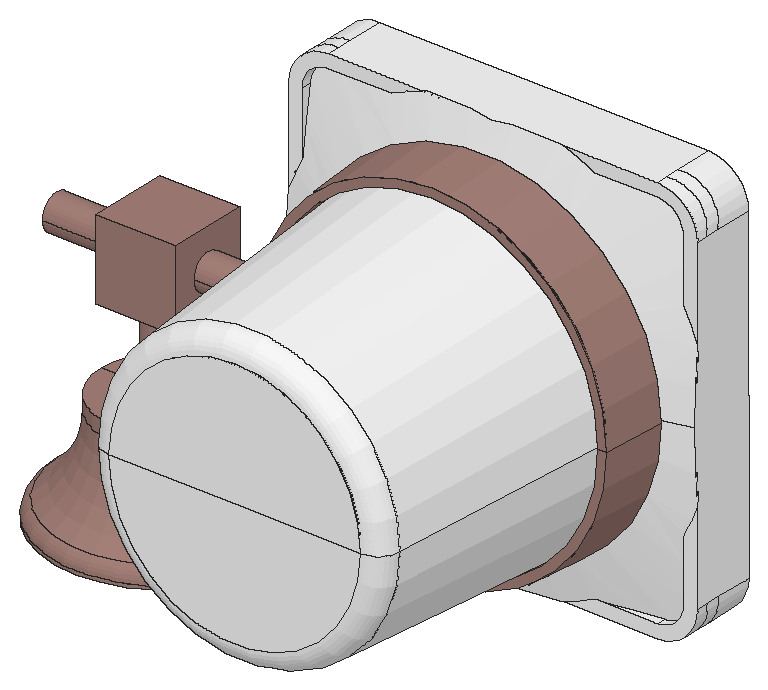
Revit family "ToothbrushHolder-Vitra-JunoClassicSeries-A4441926", category Plumbing Fixtures, host Face, Revit 2017
Family settings
  Host = Face
  Round Connector Dimension = Use Diameter
  Part Type = Normal
  OmniClass Number = 23.45.00.00
  OmniClass Title = Sanitary, Laundry, and Cleaning Equipment
  Cut with Voids When Loaded = No
  Shared = Yes
  Room Calculation Point = No
Parameters (values of type "ToothbrushHolder-Vitra-JunoClassicSeries-A4441926")
  Youtube = "https://www.youtube.com/user/VitrAglobal"
  Weight Net (kg) = "0.62"
  Waste Connection = no
  Warranty Period (Year) = "5 Years"
  Vent Connection = no
  Uniformat II Description = "Other Equipment"
  Uniformat II Code = "E1090"
  Uniclass 2015 Name = "Toothbrush holders"
  Uniclass 2015 Code = "Pr_40_20_76_89"
  Uniclass 2.0 Description = "Toothbrush Holders"
  Uniclass 2.0 Code = "PR-35-75-89"
  Uniclass 1.4 Description = "Bathroom, toilet furniture and fittings"
  Uniclass 1.4 Code = "L824"
  URL = "https://vitraglobal.com/"
  UNSPSC Description = "Furniture and Furnishings"
  UNSPSC Code = ""
  Technical description = "https://www.vitra.com.tr/pdf/A4441926/"
  Tap hole Options (default) = ""
  Specification = ""
  Region South America = "All"
  Region Oceania = "All"
  Region North America = "All"
  Region Middle East = "All"
  Region Europe = "All"
  Region Asia = "All"
  Region Antarctica = "All"
  Region Africa = "All"
  Product url = "https://www.vitra.com.tr/banyo-aksesuarlari/sabunluk-dis-fircalik/dis-fircalik/juno-classic-dis-fircaligi-sku-A4441926/"
  Product manual = ""
  Product group = "Toothbrush Holder"
  Product family = "Juno Classıc Series"
  Product data url = ""
  Product certification = "https://www.vitraglobal.com/brochures/"
  Product Type = "Toothbrush Holder"
  Product SKU = "A4441926"
  Product Properties = ""
  Product Guid = ""
  Primary Material = BrightCopper
  OmniClass Description = "Toilet and Bath Specialties"
  OmniClass Code = "23-31 25 00"
  Nominal Width (mm) = 136 mm
  Nominal Height (mm) = 88 mm
  Nominal Depth (mm) = 100 mm
  NBS Referans Description = "Toothbrush Holders"
  NBS Referans Code = "35-75-89"
  Mounting type = ""
  Model = "A4441926"
  Masterformat 2014 Description = "Bath Accessories"
  Masterformat 2014 Code = "10 28 16"
  Manufacturer name = "VitrA"
  Manufacturer = "VitrA"
  Main Material = ""
  Installation instructions = ""
  IFC Classification = "Sanitary Terminal"
  Help = ""
  HW Connection = no
  GTIP code = ""
  Features = ""
  EAN code = ""
  Design country = "Turkey"
  Description = "Juno Classıc Toothbrush Holder"
  Default Elevation = 0 mm
  Color = "White"
  Coating Material = White
  Calculated flow = ""
  CW Connection = no
  COBIe Type Category = ""
  Brand = "VitrA"
  BIMobject category = "Sanitary - Accessories"
  Article No. (default) = "A4441926"
  Approvals = ""
  ApplicationType = ""
  Accessories (default) = ""
Types (6, lengths in mm): name | Technical description | Product url | Product SKU | Primary Material | Model | Article No. (default)
  ToothbrushHolder-Vitra-JunoClassicSeries-A44419 | "https://www.vitra.com.tr/pdf/A44419/" | "https://www.vitra.com.tr/banyo-aksesuarlari/sabunluk-dis-fircalik/dis-fircalik/juno-classic-dis-fircaligi-sku-A44419/" | "A44419" | Chrome | "A44419" | "A44419"
  ToothbrushHolder-Vitra-JunoClassicSeries-A4441923 | "https://www.vitra.com.tr/pdf/A4441923/" | "https://www.vitra.com.tr/banyo-aksesuarlari/sabunluk-dis-fircalik/dis-fircalik/juno-classic-dis-fircaligi-sku-A4441923/" | "A4441923" | Gold | "A4441923" | "A4441923"
  ToothbrushHolder-Vitra-JunoClassicSeries-A4441926 | "https://www.vitra.com.tr/pdf/A4441926/" | "https://www.vitra.com.tr/banyo-aksesuarlari/sabunluk-dis-fircalik/dis-fircalik/juno-classic-dis-fircaligi-sku-A4441926/" | "A4441926" | BrightCopper | "A4441926" | "A4441926"
  ToothbrushHolder-Vitra-JunoClassicSeries-A44419EXP | "https://www.vitraglobal.com/pdf/A44419EXP/" | "https://www.vitraglobal.com/bathroom-accessories/soap-toothbrush-holders/toothbrush-holders/juno-toothbrush-holder-sku-A44419EXP/" | "A44419EXP" | Chrome | "A44419EXP" | "A44419EXP"
  ToothbrushHolder-Vitra-JunoClassicSeries-A4441923EXP | "https://www.vitraglobal.com/pdf/A4441923EXP/" | "https://www.vitraglobal.com/bathroom-accessories/soap-toothbrush-holders/toothbrush-holders/juno-toothbrush-holder-sku-A4441923EXP/" | "A4441923EXP" | Gold | "A4441923EXP" | "A4441923EXP"
  ToothbrushHolder-Vitra-JunoClassicSeries-A4441926EXP | "https://www.vitraglobal.com/pdf/A4441926EXP/" | "https://www.vitraglobal.com/bathroom-accessories/soap-toothbrush-holders/toothbrush-holders/juno-toothbrush-holder-sku-A4441926EXP/" | "A4441926EXP" | BrightCopper | "A4441926EXP" | "A4441926EXP"
Reference planes
  plane 1 "Center (Front/Back)": y = 0
  plane 2: z = 0
  plane 3 "Center (Left/Right)": x = 0
  plane 4: z = 100
  plane 5: x = -25
  plane 6: x = 111
  plane 7: y = 25
  plane 8: y = -63
Forms (mm)
  Revolve 1, solid, material "BrightCopper" <- "Primary Material", detail levels fine
    sketch origin (0, 0, 0) x (1, 0, 0) y (0, 0, 1)
      loop
        line (0, 44.5) -> (0, 0) -> (26.017, 0) -> (26.017, 0.83)
        arc (26.017, 0.83) -> (25.558, 2.676) -> (24.288, 4.093) r 3.943
        arc (24.288, 4.093) -> (17.477, 11.816) -> (15.02, 21.816) r 21.581
        line (15.02, 21.816) -> (15.02, 25.012) -> (6.02, 25.012)
        arc (6.02, 25.012) -> (5.313, 25.305) -> (5.02, 26.012) r 1
        line (5.02, 26.012) -> (5.02, 44.5) -> (0, 44.5)
      axis (0, 44.5) -> (0, 0)
    angle from 0 to 360
  Extrusion 2, solid, material "BrightCopper" <- "Primary Material", detail levels fine
    sketch origin (0, 0, 0) x (1, 0, 0) y (0, 0, 1)
      loop
        line (9, 62) -> (-9, 62) -> (-9, 44) -> (9, 44) -> (9, 62)
    from -8.893 to 9.107
  Extrusion 3, solid, material "BrightCopper" <- "Primary Material", detail levels fine
    sketch origin (0, 0, 0) x (0, 1, 0) y (0, 0, 1)
      loop
        circle (-0.078, 53.018) r 4
    from -25 to 26.471
  Revolve 4, solid, material "BrightCopper" <- "Primary Material", detail levels fine
    sketch origin (0, 0, 52.995) x (1, 0, 0) y (0, 1, 0)
      loop
        line (103.536, 6.893) -> (102.557, -7.107) -> (104.526, -7.107) -> (105.505, 6.893) -> (103.536, 6.893)
      axis (65, -7.107) -> (65, 6.893)
    angle from 0 to 360
  Revolve 5, solid, material "White" <- "Coating Material", detail levels fine
    sketch origin (0, 0, 52.969) x (1, 0, 0) y (0, 1, 0)
      loop
        line (65, -62.375) -> (93.362, -62.375)
        arc (93.362, -62.375) -> (96.762, -61.041) -> (98.348, -57.75) r 5
        line (98.348, -57.75) -> (103.211, 6.86)
        arc (103.211, 6.86) -> (103.45, 7.45) -> (103.989, 7.79) r 1.041
        line (103.989, 7.79) -> (129.338, 14.33) -> (128.585, 17.249) -> (103.221, 10.705)
        arc (103.221, 10.705) -> (101.132, 9.386) -> (100.202, 7.098) r 4.039
        line (100.202, 7.098) -> (95.337, -57.543)
        arc (95.337, -57.543) -> (94.703, -58.859) -> (93.343, -59.393) r 2
        line (93.343, -59.393) -> (65, -59.393) -> (65, -62.375)
      axis (65, -62.375) -> (65, 17.249)
    angle from 0 to 360
  Extrusion 6, solid, material "White" <- "Coating Material", detail levels fine
    sketch origin (0, 0, 0) x (1, 0, 0) y (0, 0, 1)
      loop
        arc (22, 16) -> (23.757, 11.757) -> (28, 10) r 6
        line (28, 10) -> (102, 10)
        arc (102, 10) -> (106.243, 11.757) -> (108, 16) r 6
        line (108, 16) -> (108, 90)
        arc (108, 90) -> (106.243, 94.243) -> (102, 96) r 6
        line (102, 96) -> (28, 96)
        arc (28, 96) -> (23.757, 94.243) -> (22, 90) r 6
        line (22, 90) -> (22, 16)
      loop
        line (19, 90) -> (19, 16)
        arc (19, 16) -> (21.636, 9.636) -> (28, 7) r 9
        line (28, 7) -> (102, 7)
        arc (102, 7) -> (108.364, 9.636) -> (111, 16) r 9
        line (111, 16) -> (111, 90)
        arc (111, 90) -> (108.364, 96.364) -> (102, 99) r 9
        line (102, 99) -> (28, 99)
        arc (28, 99) -> (21.636, 96.364) -> (19, 90) r 9
    from -24.607 to -10.294
  Extrusion 7, void
    sketch origin (0, 0, 0) x (1, 0, 0) y (0, 0, 1)
      loop
        line (102, 99) -> (28, 99)
        arc (28, 99) -> (21.636, 96.364) -> (19, 90) r 9
        line (19, 90) -> (19, 16)
        arc (19, 16) -> (21.636, 9.636) -> (28, 7) r 9
        line (28, 7) -> (102, 7)
        arc (102, 7) -> (108.364, 9.636) -> (111, 16) r 9
        line (111, 16) -> (111, 90)
        arc (111, 90) -> (108.364, 96.364) -> (102, 99) r 9
      loop
        line (132.73, 122.663) -> (-4.367, 122.663) -> (-4.367, -14.03) -> (132.73, -14.03) -> (132.73, 122.663)
    from -6.893 to -29.758
  Extrusion 8, solid, detail levels coarse
    sketch origin (0, 0, 0) x (1, 0, 0) y (0, 1, 0)
      loop
        line (111, 25) -> (-25, 25) -> (-25, -63) -> (111, -63) -> (111, 25)
    from 0 to 100
  Revolve 9, solid, detail levels medium
    sketch origin (65, 0, 0) x (0, 1, 0) y (0, 0, 1)
      loop
        line (-62.953, 52.5) -> (25, 52.5) -> (25, 100) -> (10, 100) -> (6.893, 93.304) -> (-62.307, 86.725) -> (-62.953, 52.5)
      axis (-62.953, 52.5) -> (25, 52.5)
    angle from 0 to 360
  Revolve 10, solid, detail levels medium
    sketch origin (0, 0, 0) x (0, 1, 0) y (0, 0, 1)
      loop
        line (0, 0) -> (25, 0) -> (15.294, 23.059) -> (6.893, 23.059) -> (6.893, 57.345) -> (0, 57.345) -> (0, 0)
      axis (0, 0) -> (0, 57.345)
    angle from 0 to 360
  Extrusion 11, solid, detail levels medium
    sketch origin (0, 0, 0) x (0, 1, 0) y (0, 0, 1)
      loop
        line (-9.107, 62) -> (-9.107, 44) -> (8.893, 44) -> (8.893, 62) -> (-9.107, 62)
    from -9 to 25.52
Cuts and joins
  Extrusion 7 cuts Revolve 5
  joined: Revolve 5, Extrusion 6
  joined: Revolve 1, Extrusion 2, Extrusion 3, Revolve 4
Dimensions and locks
  "Nominal Depth (mm)": plane 4 to level
  "Nominal Width (mm)": plane 5 to plane 6
  "Nominal Height (mm)": plane 7 to plane 8
  aligned and locked: plane 2 to host face
  aligned and locked: level to host face
Automatic sketch dimensions
  host sketch curve to host sketch curve = 2438.4 mm  (x2)
  Revolve 1 sketch curve to plane 3 "Center (Left/Right)" = 0 mm  (x2)
  Revolve 1 sketch curve to level = 0 mm
  plane 3 "Center (Left/Right)" to Revolve 1 sketch curve = 5.02 mm
  Revolve 1 sketch curve to Revolve 1 sketch curve = 1 mm
  Revolve 1 sketch curve to Revolve 1 sketch curve = 9 mm
  level to Revolve 1 sketch curve = 0.83 mm
  plane 3 "Center (Left/Right)" to Revolve 1 sketch curve = 22.075 mm
  Revolve 1 sketch curve to Revolve 1 sketch curve = 3.943 mm
  Revolve 1 sketch curve to Revolve 1 sketch curve = 21.581 mm
  level to Revolve 1 sketch curve = 21.816 mm
  Revolve 1 sketch curve to Revolve 1 sketch curve = 3.196 mm
  Revolve 1 sketch curve to Revolve 1 sketch curve = 18.488 mm
  Revolve 1 sketch curve to Revolve 1 sketch curve = 5.238 mm
  Revolve 1 sketch curve to Revolve 1 sketch curve = 5.5 mm
  Extrusion 2 sketch curve to plane 3 "Center (Left/Right)" = 9 mm
  plane 3 "Center (Left/Right)" to Extrusion 2 sketch curve = 9 mm
  level to Extrusion 2 sketch curve = 44 mm
  Extrusion 2 sketch curve to Extrusion 2 sketch curve = 18 mm
  plane 1 "Center (Front/Back)" to Extrusion 3 sketch curve = 0.078 mm
  Extrusion 3 sketch curve to plane 4 = 46.982 mm
  plane 6 to Revolve 4 sketch curve = 8.443 mm
  plane 6 to Revolve 4 sketch curve = 7.464 mm
  Revolve 4 sketch curve to Revolve 4 sketch curve = 1.969 mm  (x2)
  plane 1 "Center (Front/Back)" to Revolve 4 sketch curve = 7.107 mm
  Revolve 4 sketch curve to plane 1 "Center (Front/Back)" = 6.893 mm
  Revolve 4 sketch curve to Revolve 4 sketch curve = 37.557 mm
  plane 1 "Center (Front/Back)" to Revolve 4 sketch curve = 29.393 mm
  plane 8 to Revolve 4 sketch curve = 3.607 mm
  plane 8 to Revolve 5 sketch curve = 0.625 mm
  plane 6 to Revolve 5 sketch curve = 46 mm
  plane 8 to Revolve 5 sketch curve = 5.607 mm
  plane 6 to Revolve 5 sketch curve = 17.657 mm
  Revolve 5 sketch curve to Revolve 5 sketch curve = 0.019 mm  (x2)
  plane 8 to Revolve 5 sketch curve = 5.457 mm
  Revolve 5 sketch curve to Revolve 5 sketch curve = 1.975 mm
  plane 8 to Revolve 5 sketch curve = 5.25 mm
  Revolve 5 sketch curve to Revolve 5 sketch curve = 3.011 mm
  plane 6 to Revolve 5 sketch curve = 10.798 mm
  Revolve 5 sketch curve to Revolve 5 sketch curve = 3.008 mm
  Revolve 5 sketch curve to Revolve 5 sketch curve = 0.01 mm
  Revolve 5 sketch curve to Revolve 5 sketch curve = 0.778 mm
  Revolve 5 sketch curve to Revolve 5 sketch curve = 1.019 mm
  Revolve 5 sketch curve to plane 7 = 7.751 mm
  Revolve 5 sketch curve to plane 6 = 17.585 mm
  Revolve 5 sketch curve to plane 7 = 10.67 mm
  Revolve 5 sketch curve to Revolve 5 sketch curve = 0.753 mm
  Revolve 5 sketch curve to Revolve 5 sketch curve = 1.008 mm
  Revolve 5 sketch curve to Revolve 5 sketch curve = 0.013 mm
  Revolve 5 sketch curve to Revolve 5 sketch curve = 0 mm
  Revolve 5 sketch curve to Revolve 5 sketch curve = 1.491 mm
  Revolve 5 sketch curve to Revolve 5 sketch curve = 5.651 mm
  Extrusion 6 sketch curve to Extrusion 6 sketch curve = 0 mm  (x8)
  plane 6 to Extrusion 6 sketch curve = 0 mm
  plane 6 to Extrusion 6 sketch curve = 3 mm
  Extrusion 6 sketch curve to Extrusion 6 sketch curve = 6 mm  (x3)
  Extrusion 6 sketch curve to plane 4 = 4 mm
  Extrusion 6 sketch curve to plane 4 = 10 mm
  plane 3 "Center (Left/Right)" to Extrusion 6 sketch curve = 28 mm
  level to Extrusion 6 sketch curve = 16 mm
  plane 6 to Extrusion 7 sketch curve = 0 mm
  Extrusion 7 sketch curve to plane 4 = 1 mm
  plane 6 to Extrusion 7 sketch curve = 9 mm  (x2)
  level to Extrusion 7 sketch curve = 7 mm
  Extrusion 7 sketch curve to plane 4 = 10 mm
  plane 3 "Center (Left/Right)" to Extrusion 7 sketch curve = 28 mm
  Extrusion 7 sketch curve to Extrusion 7 sketch curve = 9 mm
  Extrusion 7 sketch curve to plane 3 "Center (Left/Right)" = 4.367 mm
  Extrusion 7 sketch curve to plane 6 = 21.73 mm
  Extrusion 7 sketch curve to level = 14.03 mm
  plane 4 to Extrusion 7 sketch curve = 22.663 mm
  Extrusion 8 sketch curve to plane 5 = 0 mm
  Extrusion 8 sketch curve to plane 6 = 0 mm
  Extrusion 8 sketch curve to plane 8 = 0 mm
  Extrusion 8 sketch curve to plane 7 = 0 mm
  Revolve 9 sketch curve to plane 4 = 0 mm
  Revolve 9 sketch curve to plane 7 = 0 mm
  Revolve 9 sketch curve to plane 1 "Center (Front/Back)" = 10 mm
  Revolve 9 sketch curve to plane 1 "Center (Front/Back)" = 6.893 mm
  plane 8 to Revolve 9 sketch curve = 0.693 mm
  plane 8 to Revolve 9 sketch curve = 0.047 mm
  Revolve 9 sketch curve to plane 4 = 6.696 mm
  Revolve 9 sketch curve to plane 4 = 13.275 mm
  Revolve 9 sketch curve to Revolve 9 sketch curve = 34.225 mm
  plane 1 "Center (Front/Back)" to Revolve 9 sketch curve = 29.393 mm
  plane 7 to Revolve 9 sketch curve = 10.607 mm
  Revolve 9 sketch curve to Revolve 9 sketch curve = 0 mm
  Revolve 10 sketch curve to level = 0 mm
  Revolve 10 sketch curve to plane 1 "Center (Front/Back)" = 0 mm  (x2)
  Revolve 10 sketch curve to plane 7 = 0 mm
  Revolve 10 sketch curve to plane 1 "Center (Front/Back)" = 6.893 mm
  Revolve 10 sketch curve to Revolve 10 sketch curve = 8.401 mm
  level to Revolve 10 sketch curve = 23.059 mm
  Revolve 10 sketch curve to plane 4 = 42.655 mm
  Revolve 10 sketch curve to Revolve 10 sketch curve = 21.941 mm
  Revolve 10 sketch curve to Revolve 10 sketch curve = 20 mm
  plane 1 "Center (Front/Back)" to Extrusion 11 sketch curve = 9.107 mm
  Extrusion 11 sketch curve to plane 1 "Center (Front/Back)" = 8.893 mm
  level to Extrusion 11 sketch curve = 44 mm
  Extrusion 11 sketch curve to Extrusion 11 sketch curve = 18 mm
  radius of Extrusion 3 sketch curve = 4 mm
